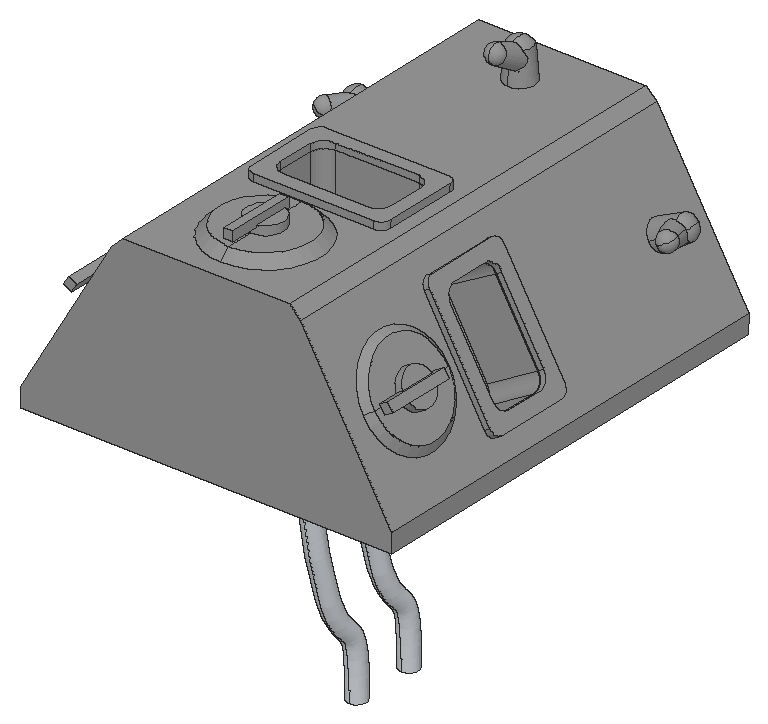
Revit family "3_Station_Surface_Shower-Willoughby-CWTS", category Plumbing Fixtures, Revit 2015
Parameters (values of type "Standard")
  Waste Connection = no
  Vent Connection = yes
  URL = "https://www.willoughby-ind.com/wp-content/uploads/2018/01/CWTS.pdf"
  Revision = "A"
  Model = "CWTS"
  Manufacturer = "Willoughby Industries"
  HW Connection = yes
  HCW DIA = 1/2"
  Fixture Body = Stainless Steel AISI 304-Willoughby
  Description = "3 Station Surface Shower"
  Default Elevation = 0' - 0"
  Contact = "(800) 428-4065"
  CW Connection = yes
Reference planes (in)
  plane 1 "Center (Front/Back)": y = 0
  plane 2: z = 0
  plane 3 "Center (Left/Right)": x = 0
  plane 4 "Unit Left": x = -10
  plane 5 "Unit Right": x = 10
  plane 6: x = -4.5
  plane 7: x = 4.5
  plane 8: z = 9.5
  plane 9 "Shower HGT": y = 69.875
  plane 10 "Top Of Unit": y = 74.875
  plane 11 "Bottom Of Unit": y = 50.875
  plane 12: y = 54.875
  plane 13: y = 58.875
  plane 14: y = 72
  plane 15: y = 72
  plane 16: y = 72
  plane 17: through (7.54626, 0, 5.25) normal (-0.5, 0, 0.866)
  plane 18: through (-7.54626, 0, 5.25) normal (0.5, 0, 0.866)
  plane 19: y = 72
Forms (in)
  Extrusion 1, solid, material "Stainless Steel AISI 304-Willoughby" <- "Fixture Body"
    sketch origin (0, 50.875, 0) x (-1, 0, 0) y (0, 0, 1)
      loop
        line (-10, 0) -> (10, 0) -> (10, 1) -> (5.09252, 9.5) -> (4.5, 10.09252) -> (-4.5, 10.09252) -> (-5.09252, 9.5) -> (-10, 1) -> (-10, 0)
    from 0 to 24
  Revolve 2, solid, material "Stainless Steel AISI 304-Willoughby" <- "Fixture Body"
    sketch origin (0, 2.5, 9.90502) x (0, 1, 0) y (0, 0, 1)
      loop
        line (69.5, 0.1875) -> (69.5, 2.28484)
        arc (69.5, 2.28484) -> (69.12162, 2.19469) -> (68.84934, 1.91689) r 0.70187
        line (68.84934, 1.91689) -> (68.69804, 0.1875) -> (69.5, 0.1875)
      axis (69.5, 2.28484) -> (69.5, 0.1875)
    angle from 0 to 360
  Revolve 3, solid, material "Stainless Steel AISI 304-Willoughby" <- "Fixture Body"
    sketch origin (0, 2.8908, 9.77874) x (0, 1, 0) y (0, 0, 1)
      loop
        line (68.86396, 0.80717) -> (69.21616, 1.37081) -> (67.06125, 2.46981)
        arc (67.06125, 2.46981) -> (67.03111, 2.08823) -> (67.27967, 1.79714) r 0.5
        line (67.27967, 1.79714) -> (68.86396, 0.80717)
      axis (69.21616, 1.37081) -> (67.06125, 2.46981)
    angle from 0 to 360
  Extrusion 4, solid, material "Stainless Steel AISI 304-Willoughby" <- "Fixture Body", detail levels medium+fine
    sketch origin (0, 4.625, 9.90502) x (1, 0, 0) y (0, 1, 0)
      loop
        arc (-3.75, 54) -> (-3.60355, 53.64645) -> (-3.25, 53.5) r 0.5
        line (-3.25, 53.5) -> (3.25, 53.5)
        arc (3.25, 53.5) -> (3.60355, 53.64645) -> (3.75, 54) r 0.5
        line (3.75, 54) -> (3.75, 58)
        arc (3.75, 58) -> (3.60355, 58.35355) -> (3.25, 58.5) r 0.5
        line (3.25, 58.5) -> (-3.25, 58.5)
        arc (-3.25, 58.5) -> (-3.60355, 58.35355) -> (-3.75, 58) r 0.5
        line (-3.75, 58) -> (-3.75, 54)
      loop
        arc (-3, 55) -> (-2.78033, 54.46967) -> (-2.25, 54.25) r 0.75
        line (-2.25, 54.25) -> (2.25, 54.25)
        arc (2.25, 54.25) -> (2.78033, 54.46967) -> (3, 55) r 0.75
        line (3, 55) -> (3, 57)
        arc (3, 57) -> (2.78033, 57.53033) -> (2.25, 57.75) r 0.75
        line (2.25, 57.75) -> (-2.25, 57.75)
        arc (-2.25, 57.75) -> (-2.78033, 57.53033) -> (-3, 57) r 0.75
        line (-3, 57) -> (-3, 55)
    from 0.1875 to 0.5625
  Extrusion 5, void
    sketch origin (0, 4.625, 9.90502) x (1, 0, 0) y (0, 1, 0)
      loop
        line (-3, 57) -> (-3, 55)
        arc (-3, 55) -> (-2.78033, 54.46967) -> (-2.25, 54.25) r 0.75
        line (-2.25, 54.25) -> (2.25, 54.25)
        arc (2.25, 54.25) -> (2.78033, 54.46967) -> (3, 55) r 0.75
        line (3, 55) -> (3, 57)
        arc (3, 57) -> (2.78033, 57.53033) -> (2.25, 57.75) r 0.75
        line (2.25, 57.75) -> (-2.25, 57.75)
        arc (-2.25, 57.75) -> (-2.78033, 57.53033) -> (-3, 57) r 0.75
    from 0.5625 to -3
  Revolve 6, solid, material "Stainless Steel AISI 304-Willoughby" <- "Fixture Body"
    sketch origin (0, -6.625, 0.59252) x (0, 1, 0) y (0, 0, 1)
      loop
        line (61.5, 9.5) -> (61.5, 10.5) -> (60.5, 10.5) -> (60.5, 10.03033) -> (59.03033, 10.03033) -> (58.5, 9.5) -> (61.5, 9.5)
      axis (61.5, 10.5) -> (61.5, 9.5)
    angle from 0 to 360
  Extrusion 7, solid, material "Stainless Steel AISI 304-Willoughby" <- "Fixture Body"
    sketch origin (0, -6.625, 0.45747) x (0, 1, 0) y (0, 0, 1)
      loop
        line (62.5, 10.5) -> (62.75, 10.5) -> (62.75, 11) -> (59, 11) -> (59, 10.5) -> (62.5, 10.5)
    from -0.25 to 0.25
  Revolve 8, solid, material "Stainless Steel AISI 304-Willoughby" <- "Fixture Body"
    sketch origin (7.38388, 2.5, 5.15625) x (0, 1, 0) y (0.866025, 0, 0.5)
      loop
        line (69.5, 0.1875) -> (69.5, 2.28484)
        arc (69.5, 2.28484) -> (69.12162, 2.19469) -> (68.84934, 1.91689) r 0.70187
        line (68.84934, 1.91689) -> (68.69804, 0.1875) -> (69.5, 0.1875)
      axis (69.5, 2.28484) -> (69.5, 0.1875)
    angle from 0 to 360
  Revolve 9, solid, material "Stainless Steel AISI 304-Willoughby" <- "Fixture Body"
    sketch origin (7.27452, 2.8908, 5.09311) x (0, 1, 0) y (0.866025, 0, 0.5)
      loop
        line (68.86396, 0.80717) -> (69.21616, 1.37081) -> (67.06125, 2.46981)
        arc (67.06125, 2.46981) -> (67.03111, 2.08823) -> (67.27967, 1.79714) r 0.5
        line (67.27967, 1.79714) -> (68.86396, 0.80717)
      axis (69.21616, 1.37081) -> (67.06125, 2.46981)
    angle from 0 to 360
  Extrusion 10, solid, material "Stainless Steel AISI 304-Willoughby" <- "Fixture Body", detail levels medium+fine
    sketch origin (7.38388, 4.625, 5.15625) x (0.5, 0, -0.866025) y (0, 1, 0)
      loop
        arc (-3.75, 54) -> (-3.60355, 53.64645) -> (-3.25, 53.5) r 0.5
        line (-3.25, 53.5) -> (3.25, 53.5)
        arc (3.25, 53.5) -> (3.60355, 53.64645) -> (3.75, 54) r 0.5
        line (3.75, 54) -> (3.75, 58)
        arc (3.75, 58) -> (3.60355, 58.35355) -> (3.25, 58.5) r 0.5
        line (3.25, 58.5) -> (-3.25, 58.5)
        arc (-3.25, 58.5) -> (-3.60355, 58.35355) -> (-3.75, 58) r 0.5
        line (-3.75, 58) -> (-3.75, 54)
      loop
        arc (-3, 55) -> (-2.78033, 54.46967) -> (-2.25, 54.25) r 0.75
        line (-2.25, 54.25) -> (2.25, 54.25)
        arc (2.25, 54.25) -> (2.78033, 54.46967) -> (3, 55) r 0.75
        line (3, 55) -> (3, 57)
        arc (3, 57) -> (2.78033, 57.53033) -> (2.25, 57.75) r 0.75
        line (2.25, 57.75) -> (-2.25, 57.75)
        arc (-2.25, 57.75) -> (-2.78033, 57.53033) -> (-3, 57) r 0.75
        line (-3, 57) -> (-3, 55)
    from 0.1875 to 0.5625
  Extrusion 11, void
    sketch origin (7.38388, 4.625, 5.15625) x (0.5, 0, -0.866025) y (0, 1, 0)
      loop
        line (-3, 57) -> (-3, 55)
        arc (-3, 55) -> (-2.78033, 54.46967) -> (-2.25, 54.25) r 0.75
        line (-2.25, 54.25) -> (2.25, 54.25)
        arc (2.25, 54.25) -> (2.78033, 54.46967) -> (3, 55) r 0.75
        line (3, 55) -> (3, 57)
        arc (3, 57) -> (2.78033, 57.53033) -> (2.25, 57.75) r 0.75
        line (2.25, 57.75) -> (-2.25, 57.75)
        arc (-2.25, 57.75) -> (-2.78033, 57.53033) -> (-3, 57) r 0.75
    from 0.5625 to -3
  Revolve 12, solid, material "Stainless Steel AISI 304-Willoughby" <- "Fixture Body"
    sketch origin (-0.79794, -6.625, 0.43247) x (0, 1, 0) y (0.866025, 0, 0.5)
      loop
        line (61.5, 9.5) -> (61.5, 10.5) -> (60.5, 10.5) -> (60.5, 10.03033) -> (59.03033, 10.03033) -> (58.5, 9.5) -> (61.5, 9.5)
      axis (61.5, 10.5) -> (61.5, 9.5)
    angle from 0 to 360
  Extrusion 13, solid, material "Stainless Steel AISI 304-Willoughby" <- "Fixture Body"
    sketch origin (-0.79794, -6.625, 0.43247) x (0, 1, 0) y (0.866025, 0, 0.5)
      loop
        line (62.5, 10.5) -> (62.75, 10.5) -> (62.75, 11) -> (59, 11) -> (59, 10.5) -> (62.5, 10.5)
    from -0.25 to 0.25
  Revolve 14, solid, material "Stainless Steel AISI 304-Willoughby" <- "Fixture Body"
    sketch origin (-7.38388, 2.5, 5.15625) x (0, 1, 0) y (0.866025, 0, -0.5)
      loop
        line (69.5, -0.1875) -> (68.69804, -0.1875) -> (68.84934, -1.91689)
        arc (68.84934, -1.91689) -> (69.12162, -2.19469) -> (69.5, -2.28484) r 0.70187
        line (69.5, -2.28484) -> (69.5, -0.1875)
      axis (69.5, -2.28484) -> (69.5, -0.1875)
    angle from 0 to 360
  Revolve 15, solid, material "Stainless Steel AISI 304-Willoughby" <- "Fixture Body"
    sketch origin (-7.27452, 2.8908, 5.09311) x (0, 1, 0) y (0.866025, 0, -0.5)
      loop
        line (68.86396, -0.80717) -> (67.27967, -1.79714)
        arc (67.27967, -1.79714) -> (67.03111, -2.08823) -> (67.06125, -2.46981) r 0.5
        line (67.06125, -2.46981) -> (69.21616, -1.37081) -> (68.86396, -0.80717)
      axis (69.21616, -1.37081) -> (67.06125, -2.46981)
    angle from 0 to 360
  Extrusion 16, solid, material "Stainless Steel AISI 304-Willoughby" <- "Fixture Body", detail levels medium+fine
    sketch origin (-7.38388, 4.625, 5.15625) x (-0.5, 0, -0.866025) y (0, -1, 0)
      loop
        line (-3.75, -54) -> (-3.75, -58)
        arc (-3.75, -58) -> (-3.60355, -58.35355) -> (-3.25, -58.5) r 0.5
        line (-3.25, -58.5) -> (3.25, -58.5)
        arc (3.25, -58.5) -> (3.60355, -58.35355) -> (3.75, -58) r 0.5
        line (3.75, -58) -> (3.75, -54)
        arc (3.75, -54) -> (3.60355, -53.64645) -> (3.25, -53.5) r 0.5
        line (3.25, -53.5) -> (-3.25, -53.5)
        arc (-3.25, -53.5) -> (-3.60355, -53.64645) -> (-3.75, -54) r 0.5
      loop
        line (-3, -55) -> (-3, -57)
        arc (-3, -57) -> (-2.78033, -57.53033) -> (-2.25, -57.75) r 0.75
        line (-2.25, -57.75) -> (2.25, -57.75)
        arc (2.25, -57.75) -> (2.78033, -57.53033) -> (3, -57) r 0.75
        line (3, -57) -> (3, -55)
        arc (3, -55) -> (2.78033, -54.46967) -> (2.25, -54.25) r 0.75
        line (2.25, -54.25) -> (-2.25, -54.25)
        arc (-2.25, -54.25) -> (-2.78033, -54.46967) -> (-3, -55) r 0.75
    from 0.1875 to 0.5625
  Extrusion 17, void
    sketch origin (-7.38388, 4.625, 5.15625) x (-0.5, 0, -0.866025) y (0, -1, 0)
      loop
        arc (-3, -57) -> (-2.78033, -57.53033) -> (-2.25, -57.75) r 0.75
        line (-2.25, -57.75) -> (2.25, -57.75)
        arc (2.25, -57.75) -> (2.78033, -57.53033) -> (3, -57) r 0.75
        line (3, -57) -> (3, -55)
        arc (3, -55) -> (2.78033, -54.46967) -> (2.25, -54.25) r 0.75
        line (2.25, -54.25) -> (-2.25, -54.25)
        arc (-2.25, -54.25) -> (-2.78033, -54.46967) -> (-3, -55) r 0.75
        line (-3, -55) -> (-3, -57)
    from 0.5625 to -3
  Revolve 18, solid, material "Stainless Steel AISI 304-Willoughby" <- "Fixture Body"
    sketch origin (0.79794, -6.625, 0.43247) x (0, 1, 0) y (0.866025, 0, -0.5)
      loop
        line (61.5, -9.5) -> (58.5, -9.5) -> (59.03033, -10.03033) -> (60.5, -10.03033) -> (60.5, -10.5) -> (61.5, -10.5) -> (61.5, -9.5)
      axis (61.5, -10.5) -> (61.5, -9.5)
    angle from 0 to 360
  Extrusion 19, solid, material "Stainless Steel AISI 304-Willoughby" <- "Fixture Body"
    sketch origin (0.79794, -6.625, 0.43247) x (0, 1, 0) y (0.866025, 0, -0.5)
      loop
        line (62.5, -10.5) -> (59, -10.5) -> (59, -11) -> (62.75, -11) -> (62.75, -10.5) -> (62.5, -10.5)
    from -0.25 to 0.25
  Sweep 20, solid
    path origin (0, -9.54937, 0.05681) x (0, 1, 0) y (0, 0, 1)
      loop
        spline (66.24397, 4.06332) -> (66.79783, -0.61575) -> (67.3435, -4.19488) -> (67.87276, -6.83413) -> (68.37738, -8.69359) -> (68.84913, -9.93334) -> (69.27978, -10.71345) -> (69.66111, -11.194) -> (69.98487, -11.53506) -> (70.24286, -11.89674) -> (70.42855, -12.45422) -> (70.54041, -13.42679) -> (70.57784, -15.04169)
    profile origin (0, 59.73042, -10.65664) x (0, 0.828914, 0.559375) y (1, 0, 0)
      loop
        circle (0, 0) r 0.5
  Sweep 21, solid
    path origin (0, -6.04937, 0.05681) x (0, 1, 0) y (0, 0, 1)
      loop
        spline (66.24397, 4.06332) -> (66.79783, -0.61575) -> (67.3435, -4.19488) -> (67.87276, -6.83413) -> (68.37738, -8.69359) -> (68.84913, -9.93334) -> (69.27978, -10.71345) -> (69.66111, -11.194) -> (69.98487, -11.53506) -> (70.24286, -11.89674) -> (70.42855, -12.45422) -> (70.54041, -13.42679) -> (70.57784, -15.04169)
    profile origin (0, 63.23042, -10.65664) x (0, 0.828914, 0.559375) y (1, 0, 0)
      loop
        circle (0, 0) r 0.5
Cuts and joins
  Extrusion 5, Extrusion 11, Extrusion 17 cuts Extrusion 1
  Extrusion 5, Extrusion 11 cuts Extrusion 4
  Extrusion 11, Extrusion 17 cuts Extrusion 10
  Extrusion 17 cuts Extrusion 16
Lines and regions (in)
  symbolic lines, detail levels medium+fine
    curve 1: line (0.49645, 70.49382, 0) -> (0.5999, 71.4781, 0)
  symbolic lines, detail levels fine
    curve 2: line (-3.25, 63.125, 0) -> (3.25, 63.125, 0)
    curve 3: line (3.75, 62.625, 0) -> (3.75, 58.625, 0)
    curve 4: line (3.25, 58.125, 0) -> (-3.25, 58.125, 0)
    curve 5: line (-3.75, 58.625, 0) -> (-3.75, 62.625, 0)
    curve 6: line (-2.25, 62.375, 0) -> (2.25, 62.375, 0)
    curve 7: line (3, 61.625, 0) -> (3, 59.625, 0)
    curve 8: line (2.25, 58.875, 0) -> (-2.25, 58.875, 0)
    curve 9: line (-3, 59.625, 0) -> (-3, 61.625, 0)
    curve 10: arc (-3.75, 62.625, 0) -> (-3.60355, 62.97855, 0) -> (-3.25, 63.125, 0) r 0.5
    curve 11: arc (3.25, 63.125, 0) -> (3.60355, 62.97855, 0) -> (3.75, 62.625, 0) r 0.5
    curve 12: arc (3.75, 58.625, 0) -> (3.60355, 58.27145, 0) -> (3.25, 58.125, 0) r 0.5
    curve 13: arc (-3.25, 58.125, 0) -> (-3.60355, 58.27145, 0) -> (-3.75, 58.625, 0) r 0.5
    curve 14: arc (-3, 61.625, 0) -> (-2.78033, 62.15533, 0) -> (-2.25, 62.375, 0) r 0.75
    curve 15: arc (2.25, 62.375, 0) -> (2.78033, 62.15533, 0) -> (3, 61.625, 0) r 0.75
    curve 16: arc (3, 59.625, 0) -> (2.78033, 59.09467, 0) -> (2.25, 58.875, 0) r 0.75
    curve 17: arc (-2.25, 58.875, 0) -> (-2.78033, 59.09467, 0) -> (-3, 59.625, 0) r 0.75
  symbolic lines
    curve 18: line (0, 50.875, 0) -> (0, 74.875, 0)
    curve 19: line (0, 74.875, 0) -> (0, 74.875, 10.09252)
    curve 20: line (0, 74.875, 10.09252) -> (0, 50.875, 10.09252)
    curve 21: line (0, 50.875, 10.09252) -> (0, 50.875, 0)
    curve 22: line (0, 50.875, 1) -> (0, 74.875, 1)
    curve 23: line (0, 50.875, 9.5) -> (0, 74.875, 9.5)
    curve 24: line (0, 63.125, 10.09252) -> (0, 63.125, 10.46752)
    curve 25: line (0, 63.125, 10.46752) -> (0, 58.125, 10.46752)
    curve 26: line (0, 58.125, 10.46752) -> (0, 58.125, 10.09252)
    curve 27: line (0, 57.875, 10.09252) -> (0, 57.34467, 10.62285)
    curve 28: line (0, 57.34467, 10.62285) -> (0, 52.40533, 10.62285)
    curve 29: line (0, 52.40533, 10.62285) -> (0, 51.875, 10.09252)
    curve 30: line (0, 55.875, 10.62285) -> (0, 55.875, 10.95747)
    curve 31: line (0, 53.875, 10.62285) -> (0, 53.875, 10.95747)
    curve 32: line (0, 53.875, 10.95747) -> (0, 52.375, 10.95747)
    curve 33: line (0, 52.375, 10.95747) -> (0, 52.375, 11.45747)
    curve 34: line (0, 52.375, 11.45747) -> (0, 56.125, 11.45747)
    curve 35: line (0, 56.125, 11.45747) -> (0, 56.125, 10.95747)
    curve 36: line (0, 56.125, 10.95747) -> (0, 55.875, 10.95747)
    curve 37: line (0, 72.80196, 10.09252) -> (0, 72.65066, 11.82191)
    curve 38: line (0, 71.19804, 10.09252) -> (0, 71.26764, 10.88802)
    curve 39: line (0, 71.26764, 10.88802) -> (0, 70.17047, 11.57588)
    curve 40: line (0, 71.59201, 12.08037) -> (0, 70.62479, 12.46672)
    curve 41: arc (0, 72.65066, 11.82191) -> (0, 72, 12.20154) -> (0, 71.34934, 11.82191) r 0.7474
    curve 42: arc (0, 70.62479, 12.46672) -> (0, 69.92599, 12.26184) -> (0, 70.17047, 11.57588) r 0.50082
    curve 43: line (0, 72.79617, 5.4068) -> (0, 72.6485, 6.16649)
    curve 44: line (0, 71.20655, 5.34847) -> (0, 71.2143, 5.39245)
    curve 45: line (0, 71.2143, 5.39245) -> (0, 70.17724, 5.76991)
    curve 46: line (0, 71.56605, 6.53737) -> (0, 70.51704, 6.70352)
    curve 47: spline (0, 70.51704, 6.70352) -> (0, 70.4031, 6.72698) -> (0, 70.28534, 6.71703) -> (0, 70.17179, 6.67434) -> (0, 70.07019, 6.60184) -> (0, 69.98747, 6.50445) -> (0, 69.92926, 6.38881) -> (0, 69.89952, 6.26281) -> (0, 69.90029, 6.13503) -> (0, 69.93151, 6.01418) -> (0, 69.99106, 5.9085) -> (0, 70.07487, 5.82518) -> (0, 70.17724, 5.76991)
    curve 48: arc (0, 72.6485, 6.16649) -> (0, 72.20813, 6.64629) -> (0, 71.56605, 6.53737) r 0.68153
    curve 49: arc (0, 72.65857, 6.1147) -> (0, 72.22724, 5.59794) -> (0, 71.56093, 5.69335) r 0.69096
    curve 50: arc (0, 71.56093, 5.69335) -> (0, 71.59887, 6.11442) -> (0, 71.56093, 6.53549) r 2.3559
    curve 51: line (0, 71.2143, 5.39245) -> (0, 71.52352, 5.27991)
    curve 52: line (0, 71.52352, 5.27991) -> (0, 71.62582, 5.27455)
    curve 53: arc (0, 71.62582, 5.27455) -> (0, 71.69267, 5.30292) -> (0, 71.71147, 5.37307) r 0.08284
    curve 54: arc (0, 71.71147, 5.37307) -> (0, 71.68871, 5.45244) -> (0, 71.65251, 5.52666) r 0.47368
    curve 55: line (0, 71.65251, 5.52666) -> (0, 71.57165, 5.68535)
    curve 56: arc (0, 72.79617, 5.4068) -> (0, 72.59448, 4.79677) -> (0, 72, 4.55302) r 0.76864
    curve 57: arc (0, 72, 4.55302) -> (0, 71.40214, 4.78085) -> (0, 71.2143, 5.39245) r 0.72888
    curve 58: arc (0, 62.375, 7.38606) -> (0, 62.1342, 7.86578) -> (0, 61.625, 8.03558) r 0.70273
    curve 59: line (0, 61.625, 8.03558) -> (0, 59.625, 8.03558)
    curve 60: arc (0, 59.625, 8.03558) -> (0, 59.12892, 7.85063) -> (0, 58.875, 7.38606) r 0.75777
    curve 61: line (0, 58.875, 7.38606) -> (0, 58.875, 3.48894)
    curve 62: arc (0, 58.875, 3.48894) -> (0, 59.10163, 2.99286) -> (0, 59.625, 2.83942) r 0.65625
    curve 63: line (0, 59.625, 2.83942) -> (0, 61.625, 2.83942)
    curve 64: arc (0, 61.625, 2.83942) -> (0, 62.12108, 3.02437) -> (0, 62.375, 3.48894) r 0.75777
    curve 65: line (0, 62.375, 3.48894) -> (0, 62.375, 7.38606)
    curve 66: line (0, 62.69199, 8.6851) -> (0, 58.625, 8.6851)
    curve 67: line (0, 58.125, 8.25208) -> (0, 58.125, 2.62292)
    curve 68: line (0, 58.625, 2.1899) -> (0, 62.625, 2.1899)
    curve 69: line (0, 63.125, 2.6899) -> (0, 63.125, 8.25208)
    curve 70: arc (0, 63.125, 8.25208) -> (0, 62.99817, 8.55827) -> (0, 62.69199, 8.6851) r 0.43301
    curve 71: arc (0, 58.625, 8.6851) -> (0, 58.27609, 8.5828) -> (0, 58.125, 8.25208) r 0.4375
    curve 72: arc (0, 58.125, 2.62292) -> (0, 58.29428, 2.3132) -> (0, 58.625, 2.1899) r 0.50518
    curve 73: arc (0, 62.625, 2.1899) -> (0, 62.97855, 2.33635) -> (0, 63.125, 2.6899) r 0.5
    curve 74: spline (0, 57.34467, 5.44764) -> (0, 57.26052, 5.99854) -> (0, 57.0138, 6.51189) -> (0, 56.62132, 6.95272) -> (0, 56.10983, 7.29097) -> (0, 55.5142, 7.50361) -> (0, 54.875, 7.57614) -> (0, 54.2358, 7.50361) -> (0, 53.64017, 7.29097) -> (0, 53.12868, 6.95272) -> (0, 52.7362, 6.51189) -> (0, 52.48948, 5.99854) -> (0, 52.40533, 5.44764)
    curve 75: spline (0, 52.40533, 5.44764) -> (0, 52.48948, 4.88997) -> (0, 52.7362, 4.37031) -> (0, 53.12868, 3.92406) -> (0, 53.64017, 3.58165) -> (0, 54.2358, 3.36639) -> (0, 54.875, 3.29298) -> (0, 55.5142, 3.36639) -> (0, 56.10983, 3.58165) -> (0, 56.62132, 3.92406) -> (0, 57.0138, 4.37031) -> (0, 57.26052, 4.88997) -> (0, 57.34467, 5.44764)
    curve 76: spline (0, 52.0291, 5.44759) -> (0, 52.1259, 4.73584) -> (0, 52.40971, 4.07259) -> (0, 52.86119, 3.50305) -> (0, 53.44958, 3.06602) -> (0, 54.13476, 2.79129) -> (0, 54.87006, 2.69759) -> (0, 55.60535, 2.79129) -> (0, 56.29054, 3.06602) -> (0, 56.87892, 3.50305) -> (0, 57.3304, 4.07259) -> (0, 57.61422, 4.73584) -> (0, 57.71102, 5.44759)
    curve 77: spline (0, 57.71102, 5.44759) -> (0, 57.61422, 6.02993) -> (0, 57.3304, 6.57259) -> (0, 56.87892, 7.03858) -> (0, 56.29054, 7.39615) -> (0, 55.60535, 7.62092) -> (0, 54.87006, 7.69759) -> (0, 54.13476, 7.62092) -> (0, 53.44958, 7.39615) -> (0, 52.86119, 7.03858) -> (0, 52.40971, 6.57259) -> (0, 52.1259, 6.02993) -> (0, 52.0291, 5.44759)
    curve 78: line (0, 56.125, 6.14898) -> (0, 52.375, 6.14898)
    curve 79: line (0, 52.375, 6.14898) -> (0, 52.375, 5.46597)
    curve 80: line (0, 52.375, 5.46597) -> (0, 56.125, 5.46597)
    curve 81: line (0, 56.125, 5.46597) -> (0, 56.125, 6.14898)
    curve 82: line (0, 56.125, 5.71597) -> (0, 52.375, 5.71597)
    curve 83: spline (0, 55.875, 5.46597) -> (0, 55.84093, 5.23747) -> (0, 55.74103, 5.02455) -> (0, 55.58211, 4.84171) -> (0, 55.375, 4.70141) -> (0, 55.13382, 4.61322) -> (0, 54.875, 4.58314) -> (0, 54.61618, 4.61322) -> (0, 54.375, 4.70141) -> (0, 54.16789, 4.84171) -> (0, 54.00897, 5.02455) -> (0, 53.90907, 5.23747) -> (0, 53.875, 5.46597)
    curve 84: spline (0, 53.875, 5.46597) -> (0, 53.90797, 5.29825) -> (0, 54.00463, 5.14196) -> (0, 54.15839, 5.00775) -> (0, 54.35877, 4.90477) -> (0, 54.59213, 4.84003) -> (0, 54.84255, 4.81795) -> (0, 55.09297, 4.84003) -> (0, 55.32632, 4.90477) -> (0, 55.52671, 5.00775) -> (0, 55.68047, 5.14196) -> (0, 55.77713, 5.29825) -> (0, 55.81009, 5.46597)
    curve 85: arc (0, 55.71829, 6.14898) -> (0, 54.87632, 6.5492) -> (0, 54.03435, 6.14898) r 1.08577
    curve 86: line (10, 50.875, 0) -> (10, 50.875, 1)
    curve 87: line (10, 50.875, 1) -> (5.09252, 50.875, 9.5)
    curve 88: line (5.09252, 50.875, 9.5) -> (4.5, 50.875, 10.09252)
    curve 89: line (4.5, 50.875, 10.09252) -> (-4.5, 50.875, 10.09252)
    curve 90: line (-4.5, 50.875, 10.09252) -> (-5.09252, 50.875, 9.5)
    curve 91: line (-5.09252, 50.875, 9.5) -> (-10, 50.875, 1)
    curve 92: line (-10, 50.875, 1) -> (-10, 50.875, 0)
    curve 93: line (-10, 50.875, 0) -> (10, 50.875, 0)
    curve 94: line (9.42126, 50.875, 2.0024) -> (9.74602, 50.875, 2.1899)
    curve 95: line (9.74602, 50.875, 2.1899) -> (5.99602, 50.875, 8.6851)
    curve 96: line (5.99602, 50.875, 8.6851) -> (5.67126, 50.875, 8.4976)
    curve 97: line (3.75, 50.875, 10.09252) -> (3.75, 50.875, 10.46752)
    curve 98: line (3.75, 50.875, 10.46752) -> (-3.75, 50.875, 10.46752)
    curve 99: line (-3.75, 50.875, 10.46752) -> (-3.75, 50.875, 10.09252)
    curve 100: line (-5.67126, 50.875, 8.4976) -> (-5.99602, 50.875, 8.6851)
    curve 101: line (-5.99602, 50.875, 8.6851) -> (-9.74602, 50.875, 2.1899)
    curve 102: line (-9.74602, 50.875, 2.1899) -> (-9.42126, 50.875, 2.0024)
    curve 103: line (7.92126, 50.875, 4.60048) -> (9.36929, 50.875, 5.55121)
    curve 104: line (8.37102, 50.875, 4.57147) -> (8.79533, 50.875, 4.81645)
    curve 105: line (8.79533, 50.875, 4.81645) -> (8.64549, 50.875, 5.07599)
    curve 106: line (7.14485, 50.875, 5.94526) -> (8.71863, 50.875, 6.67818)
    curve 107: arc (8.71863, 50.875, 6.67818) -> (9.36756, 50.875, 6.30152) -> (9.36929, 50.875, 5.55121) r 0.75333
    curve 108: arc (8.94982, 50.875, 6.6407) -> (9.65511, 50.875, 6.46754) -> (9.45243, 50.875, 5.77017) r 0.50305
    curve 109: line (2.6126, 50.875, 10.46752) -> (2.45727, 50.875, 10.62285)
    curve 110: line (2.45727, 50.875, 10.62285) -> (0.74353, 50.875, 10.62285)
    curve 111: line (1, 50.875, 10.62285) -> (1, 50.875, 11.09252)
    curve 112: line (0.79779, 50.875, 10.09252) -> (0.65066, 50.875, 11.82191)
    curve 113: line (-0.79996, 50.875, 10.09252) -> (-0.65066, 50.875, 11.82191)
    curve 114: line (-0.71363, 50.875, 11.09252) -> (-1, 50.875, 11.09252)
    curve 115: line (-1, 50.875, 11.09252) -> (-1, 50.875, 10.62285)
    curve 116: line (1, 50.875, 11.09252) -> (0.71271, 50.875, 11.09252)
    curve 117: line (-0.75418, 50.875, 10.62285) -> (-2.46967, 50.875, 10.62285)
    curve 118: line (-2.46967, 50.875, 10.62285) -> (-2.625, 50.875, 10.46752)
    curve 119: line (-2.46967, 50.875, 10.62285) -> (-2.625, 50.875, 10.46752)
    curve 120: arc (0.65066, 50.875, 11.82191) -> (0, 50.875, 12.19591) -> (-0.65066, 50.875, 11.82191) r 0.75299
    curve 121: arc (0.51122, 50.875, 11.99577) -> (0, 50.875, 12.50699) -> (-0.51122, 50.875, 11.99577) r 0.51122
    curve 122: line (-7.79533, 50.875, 6.5485) -> (-7.37102, 50.875, 6.30353)
    curve 123: line (-7.79533, 50.875, 6.5485) -> (-7.93047, 50.875, 6.31443)
    curve 124: line (-7.93047, 50.875, 6.31443) -> (-8.71863, 50.875, 6.67818)
    curve 125: line (-8.79533, 50.875, 4.81645) -> (-8.65857, 50.875, 5.05333)
    curve 126: line (-8.79533, 50.875, 4.81645) -> (-8.37102, 50.875, 4.57147)
    curve 127: line (-8.65857, 50.875, 5.05333) -> (-9.36929, 50.875, 5.55121)
    curve 128: arc (-9.36929, 50.875, 5.55121) -> (-9.36713, 50.875, 6.30128) -> (-8.71863, 50.875, 6.67818) r 0.75383
    curve 129: arc (-8.94302, 50.875, 6.64266) -> (-9.64939, 50.875, 6.46424) -> (-9.45071, 50.875, 5.7633) r 0.50791
    curve 130: arc (-3, 54.875, 0) -> (0, 57.875, 0) -> (3, 54.875, 0) r 3
    curve 131: arc (3, 54.875, 0) -> (0, 51.875, 0) -> (-3, 54.875, 0) r 3
    curve 132: circle (0, 54.875, 0) r 2.46967 normal (0, 0, 1)
    curve 133: circle (0, 54.875, 0) r 1 normal (0, 0, 1)
    curve 134: line (-0.25, 56.125, 0) -> (0.25, 56.125, 0)
    curve 135: line (0.25, 56.125, 0) -> (0.25, 52.375, 0)
    curve 136: line (0.25, 52.375, 0) -> (-0.25, 52.375, 0)
    curve 137: line (-0.25, 52.375, 0) -> (-0.25, 56.125, 0)
    curve 138: line (6.24602, 63.125, 0) -> (9.49602, 63.125, 0)
    curve 139: line (9.74602, 62.625, 0) -> (9.74602, 58.625, 0)
    curve 140: line (9.49602, 58.125, 0) -> (5.92126, 58.125, 0)
    curve 141: line (5.67126, 58.625, 0) -> (5.67126, 62.625, 0)
    curve 142: line (5.99602, 62.625, 0) -> (5.99602, 58.625, 0)
    curve 143: line (9.42126, 58.625, 0) -> (9.42126, 62.625, 0)
    curve 144: line (8.67126, 58.875, 0) -> (6.74602, 58.875, 0)
    curve 145: line (5.92126, 63.125, 0) -> (6.24602, 63.125, 0)
    curve 146: arc (9.49602, 63.125, 0) -> (9.59756, 63.07229, 0) -> (9.67023, 62.98393, 0) r 0.28533
    curve 147: arc (9.67023, 62.98393, 0) -> (9.73326, 62.80977, 0) -> (9.74602, 62.625, 0) r 0.66759
    curve 148: arc (9.42126, 62.625, 0) -> (9.39932, 62.81762, 0) -> (9.3346, 63.00036, 0) r 0.85626
    curve 149: arc (9.3346, 63.00036, 0) -> (9.26769, 63.08203, 0) -> (9.17126, 63.125, 0) r 0.229
    curve 150: arc (5.67126, 62.625, 0) -> (5.69346, 62.81982, 0) -> (5.75891, 63.00465, 0) r 0.86605
    curve 151: arc (5.75891, 63.00465, 0) -> (5.82539, 63.08465, 0) -> (5.92126, 63.125, 0) r 0.21919
    curve 152: arc (5.99602, 62.625, 0) -> (6.01544, 62.80974, 0) -> (6.07284, 62.98641, 0) r 0.88857
    curve 153: arc (6.07284, 62.98641, 0) -> (6.14258, 63.07676, 0) -> (6.24602, 63.125, 0) r 0.24155
    curve 154: arc (9.67044, 58.26944, 0) -> (9.72823, 58.44297, 0) -> (9.74602, 58.625, 0) r 0.81795
    curve 155: arc (9.67044, 58.26944, 0) -> (9.5996, 58.17746, 0) -> (9.49602, 58.125, 0) r 0.2627
    curve 156: arc (9.42126, 58.625, 0) -> (9.40199, 58.44166, 0) -> (9.34503, 58.26634, 0) r 0.8818
    curve 157: arc (9.34503, 58.26634, 0) -> (9.2794, 58.17765, 0) -> (9.18243, 58.125, 0) r 0.25488
    curve 158: arc (5.99602, 58.625, 0) -> (6.01489, 58.44543, 0) -> (6.07069, 58.2737, 0) r 0.86369
    curve 159: arc (6.07069, 58.2737, 0) -> (6.1414, 58.17936, 0) -> (6.24602, 58.125, 0) r 0.2651
    curve 160: arc (5.67126, 58.625, 0) -> (5.69606, 58.42301, 0) -> (5.76899, 58.23302, 0) r 0.83493
    curve 161: arc (5.76899, 58.23302, 0) -> (5.83234, 58.16098, 0) -> (5.92126, 58.125, 0) r 0.20814
    curve 162: spline (7.4293, 57.875, 0) -> (7.04108, 57.77278, 0) -> (6.6793, 57.47308, 0) -> (6.36864, 56.99632, 0) -> (6.13027, 56.375, 0) -> (5.98042, 55.65146, 0) -> (5.9293, 54.875, 0) -> (5.98042, 54.09854, 0) -> (6.13027, 53.375, 0) -> (6.36864, 52.75368, 0) -> (6.6793, 52.27692, 0) -> (7.04108, 51.97722, 0) -> (7.4293, 51.875, 0)
    curve 163: spline (7.4293, 51.875, 0) -> (7.86195, 51.97722, 0) -> (8.2651, 52.27692, 0) -> (8.6113, 52.75368, 0) -> (8.87695, 53.375, 0) -> (9.04395, 54.09854, 0) -> (9.10091, 54.875, 0) -> (9.04395, 55.65146, 0) -> (8.87695, 56.375, 0) -> (8.6113, 56.99632, 0) -> (8.2651, 57.47308, 0) -> (7.86195, 57.77278, 0) -> (7.4293, 57.875, 0)
    curve 164: spline (7.88858, 57.34467, 0) -> (7.56506, 57.26052, 0) -> (7.26358, 57.0138, 0) -> (7.0047, 56.62132, 0) -> (6.80605, 56.10983, 0) -> (6.68118, 55.5142, 0) -> (6.63858, 54.875, 0) -> (6.68118, 54.2358, 0) -> (6.80605, 53.64017, 0) -> (7.0047, 53.12868, 0) -> (7.26358, 52.7362, 0) -> (7.56506, 52.48948, 0) -> (7.88858, 52.40533, 0)
    curve 165: spline (7.88858, 55.875, 0) -> (7.75917, 55.84093, 0) -> (7.63858, 55.74103, 0) -> (7.53503, 55.58211, 0) -> (7.45557, 55.375, 0) -> (7.40562, 55.13382, 0) -> (7.38858, 54.875, 0) -> (7.40562, 54.61618, 0) -> (7.45557, 54.375, 0) -> (7.53503, 54.16789, 0) -> (7.63858, 54.00897, 0) -> (7.75917, 53.90907, 0) -> (7.88858, 53.875, 0)
    curve 166: spline (8.17033, 55.82644, 0) -> (8.07207, 55.79382, 0) -> (7.9805, 55.69818, 0) -> (7.90187, 55.54605, 0) -> (7.84153, 55.34778, 0) -> (7.8036, 55.1169, 0) -> (7.79067, 54.86913, 0) -> (7.8036, 54.62136, 0) -> (7.84153, 54.39048, 0) -> (7.90187, 54.19221, 0) -> (7.9805, 54.04008, 0) -> (8.07207, 53.94444, 0) -> (8.17033, 53.91183, 0)
    curve 167: line (8.17033, 56.125, 0) -> (8.85334, 56.125, 0)
    curve 168: line (8.85334, 56.125, 0) -> (8.85334, 52.375, 0)
    curve 169: line (8.85334, 52.375, 0) -> (8.17033, 52.375, 0)
    curve 170: line (8.17033, 52.375, 0) -> (8.17033, 56.125, 0)
    curve 171: line (8.60334, 56.125, 0) -> (8.60334, 52.375, 0)
    curve 172: line (-6.24602, 63.125, 0) -> (-9.49602, 63.125, 0)
    curve 173: line (-9.74602, 62.625, 0) -> (-9.74602, 58.625, 0)
    curve 174: line (-9.49602, 58.125, 0) -> (-5.92126, 58.125, 0)
    curve 175: line (-5.67126, 58.625, 0) -> (-5.67126, 62.625, 0)
    curve 176: line (-5.99602, 62.625, 0) -> (-5.99602, 58.625, 0)
    curve 177: line (-9.42126, 58.625, 0) -> (-9.42126, 62.625, 0)
    curve 178: arc (-9.49602, 63.125, 0) -> (-9.59756, 63.07229, 0) -> (-9.67023, 62.98393, 0) r 0.28533
    curve 179: arc (-9.67023, 62.98393, 0) -> (-9.73326, 62.80977, 0) -> (-9.74602, 62.625, 0) r 0.66759
    curve 180: arc (-9.42126, 62.625, 0) -> (-9.39932, 62.81762, 0) -> (-9.3346, 63.00036, 0) r 0.85626
    curve 181: arc (-9.3346, 63.00036, 0) -> (-9.26769, 63.08203, 0) -> (-9.17126, 63.125, 0) r 0.229
    curve 182: arc (-5.67126, 62.625, 0) -> (-5.69346, 62.81982, 0) -> (-5.75891, 63.00465, 0) r 0.86605
    curve 183: arc (-5.75891, 63.00465, 0) -> (-5.82539, 63.08465, 0) -> (-5.92126, 63.125, 0) r 0.21919
    curve 184: arc (-5.99602, 62.625, 0) -> (-6.01544, 62.80974, 0) -> (-6.07284, 62.98641, 0) r 0.88857
    curve 185: arc (-6.07284, 62.98641, 0) -> (-6.14258, 63.07676, 0) -> (-6.24602, 63.125, 0) r 0.24155
    curve 186: arc (-9.67044, 58.26944, 0) -> (-9.72823, 58.44297, 0) -> (-9.74602, 58.625, 0) r 0.81795
    curve 187: arc (-9.67044, 58.26944, 0) -> (-9.5996, 58.17746, 0) -> (-9.49602, 58.125, 0) r 0.2627
    curve 188: arc (-9.42126, 58.625, 0) -> (-9.40199, 58.44166, 0) -> (-9.34503, 58.26634, 0) r 0.8818
    curve 189: arc (-9.34503, 58.26634, 0) -> (-9.2794, 58.17765, 0) -> (-9.18243, 58.125, 0) r 0.25488
    curve 190: arc (-5.99602, 58.625, 0) -> (-6.01489, 58.44543, 0) -> (-6.07069, 58.2737, 0) r 0.86369
    curve 191: arc (-6.07069, 58.2737, 0) -> (-6.1414, 58.17936, 0) -> (-6.24602, 58.125, 0) r 0.2651
    curve 192: arc (-5.67126, 58.625, 0) -> (-5.69606, 58.42301, 0) -> (-5.76899, 58.23302, 0) r 0.83493
    curve 193: arc (-5.76899, 58.23302, 0) -> (-5.83234, 58.16098, 0) -> (-5.92126, 58.125, 0) r 0.20814
    curve 194: line (7.54626, 72.80196, 0) -> (9.04396, 72.65066, 0)
    curve 195: arc (9.04396, 72.65066, 0) -> (9.44839, 72.19028, 0) -> (9.34938, 71.58553, 0) r 0.71699
    curve 196: arc (9.34938, 71.58553, 0) -> (9.49566, 71.09715, 0) -> (9.66438, 70.61605, 0) r 11.01573
    curve 197: arc (9.66438, 70.61605, 0) -> (9.70316, 70.25538, 0) -> (9.47914, 69.97006, 0) r 0.48132
    curve 198: arc (9.47914, 69.97006, 0) -> (9.06548, 69.92758, 0) -> (8.75579, 70.20509, 0) r 0.51396
    curve 199: line (8.75579, 70.20509, 0) -> (8.14138, 71.3135, 0)
    curve 200: line (8.1701, 71.26169, 0) -> (7.63661, 71.20562, 0)
    curve 201: arc (7.63661, 71.20562, 0) -> (7.51944, 71.19779, 0) -> (7.41201, 71.24522, 0) r 0.24578
    curve 202: arc (7.41201, 71.24522, 0) -> (7.198, 71.59471, 0) -> (7.13729, 72, 0) r 1.02951
    curve 203: arc (7.13729, 72, 0) -> (7.18365, 72.31093, 0) -> (7.28869, 72.60723, 0) r 1.63414
    curve 204: arc (7.28869, 72.60723, 0) -> (7.34654, 72.69625, 0) -> (7.42664, 72.76593, 0) r 0.38235
    curve 205: arc (7.42664, 72.76593, 0) -> (7.48286, 72.79586, 0) -> (7.54626, 72.80196, 0) r 0.16301
    curve 206: arc (9.34938, 71.58553, 0) -> (9.07257, 71.58604, 0) -> (8.79647, 71.56623, 0) r 3.76728
    curve 207: arc (8.79647, 71.56623, 0) -> (8.5938, 71.65437, 0) -> (8.38189, 71.71712, 0) r 1.80781
    curve 208: arc (8.38189, 71.71712, 0) -> (8.16262, 71.58719, 0) -> (8.1331, 71.33403, 0) r 0.28712
    curve 209: line (-7.54626, 72.80196, 0) -> (-9.04396, 72.65066, 0)
    curve 210: arc (-9.04396, 72.65066, 0) -> (-9.44839, 72.19028, 0) -> (-9.34938, 71.58553, 0) r 0.71699
    curve 211: arc (-9.34938, 71.58553, 0) -> (-9.49566, 71.09715, 0) -> (-9.66438, 70.61605, 0) r 11.01573
    curve 212: arc (-9.66438, 70.61605, 0) -> (-9.70316, 70.25538, 0) -> (-9.47914, 69.97006, 0) r 0.48132
    curve 213: arc (-9.47914, 69.97006, 0) -> (-9.06548, 69.92758, 0) -> (-8.75579, 70.20509, 0) r 0.51396
    curve 214: line (-8.75579, 70.20509, 0) -> (-8.14138, 71.3135, 0)
    curve 215: line (-8.1701, 71.26169, 0) -> (-7.63661, 71.20562, 0)
    curve 216: arc (-7.63661, 71.20562, 0) -> (-7.51944, 71.19779, 0) -> (-7.41201, 71.24522, 0) r 0.24578
    curve 217: arc (-7.41201, 71.24522, 0) -> (-7.198, 71.59471, 0) -> (-7.13729, 72, 0) r 1.02951
    curve 218: arc (-7.13729, 72, 0) -> (-7.18365, 72.31093, 0) -> (-7.28869, 72.60723, 0) r 1.63414
    curve 219: arc (-7.28869, 72.60723, 0) -> (-7.34654, 72.69625, 0) -> (-7.42664, 72.76593, 0) r 0.38235
    curve 220: arc (-7.42664, 72.76593, 0) -> (-7.48286, 72.79586, 0) -> (-7.54626, 72.80196, 0) r 0.16301
    curve 221: arc (-9.34938, 71.58553, 0) -> (-9.07257, 71.58604, 0) -> (-8.79647, 71.56623, 0) r 3.76728
    curve 222: arc (-8.79647, 71.56623, 0) -> (-8.5938, 71.65437, 0) -> (-8.38189, 71.71712, 0) r 1.80781
    curve 223: arc (-8.38189, 71.71712, 0) -> (-8.16262, 71.58719, 0) -> (-8.1331, 71.33403, 0) r 0.28712
    curve 224: arc (-0.60625, 71.47508, 0) -> (-0.0065, 72.80542, 0) -> (0.5999, 71.4781, 0) r 0.80127
    curve 225: arc (0.49115, 71.57325, 0) -> (0.59204, 72.26989, 0) -> (0, 72.65066, 0) r 0.65066
    curve 226: arc (0, 72.65066, 0) -> (-0.59204, 72.26989, 0) -> (-0.49116, 71.57325, 0) r 0.65066
    curve 227: arc (-0.49116, 71.57325, 0) -> (0, 71.59619, 0) -> (0.49115, 71.57325, 0) r 5.26882
    curve 228: line (-0.62975, 71.71948, 0) -> (-0.49789, 70.34783, 0)
    curve 229: line (0.62951, 71.7116, 0) -> (0.48891, 70.29449, 0)
    curve 230: arc (0.48891, 70.29449, 0) -> (-0.02743, 69.89667, 0) -> (-0.49789, 70.34783, 0) r 0.49972
    curve 231: arc (-0.62975, 71.71948, 0) -> (-0.55785, 71.64592, 0) -> (-0.48444, 71.57387, 0) r 4.96844
    curve 232: arc (0.49115, 71.57325, 0) -> (0.55791, 71.64485, 0) -> (0.62951, 71.7116, 0) r 1.39782
Dimensions and locks (in)
  aligned and locked: Extrusion 1 to level
  aligned and locked: Extrusion 1 to plane 5 "Unit Right"
  aligned and locked: plane 4 "Unit Left" to Extrusion 1
  aligned and locked: Revolve 3 sketch curve to Revolve 3 sketch curve
  aligned and locked: Revolve 6 sketch curve to Revolve 6 sketch curve  (x2)
  aligned and locked: Revolve 9 sketch curve to Revolve 9 sketch curve
  aligned and locked: Revolve 12 sketch curve to Revolve 12 sketch curve  (x2)
  aligned and locked: Revolve 15 sketch curve to Revolve 15 sketch curve
  aligned and locked: Revolve 18 sketch curve to Revolve 18 sketch curve  (x2)
Connectors (in)
  piping at (0, 61.02847, -14.98488), diameter 0.5, driven by "HCW DIA", driven by "CW Connection"
    settings: on Sweep 20, index 1, connector inside diameter 24", connector length 0' - 0", flow factor 0, pipe flow 0 GPM, pressure drop 0.00 psi, fitting loss kfactor 0, connector angle 0.00°, fixture units 0, engagement length 0' - 0", angle of deflection 0.00°, flow configuration 0, flow direction 1, fitting loss method 0, system type 20, joint type 0, gender type 0, connector reference index -1, connector utility 1, adjustable connector no, is connector primary yes, connector description "CW Inlet"
  piping at (0, 64.52847, -14.98488), diameter 0.5, driven by "HCW DIA", driven by "HW Connection"
    settings: on Sweep 21, index 2, connector inside diameter 24", connector length 0' - 0", flow factor 0, pipe flow 0 GPM, pressure drop 0.00 psi, fitting loss kfactor 0, connector angle 0.00°, fixture units 0, engagement length 0' - 0", angle of deflection 0.00°, flow configuration 0, flow direction 1, fitting loss method 0, system type 19, joint type 0, gender type 0, connector reference index -1, connector utility 1, adjustable connector no, is connector primary no, connector description "HW Inlet"
